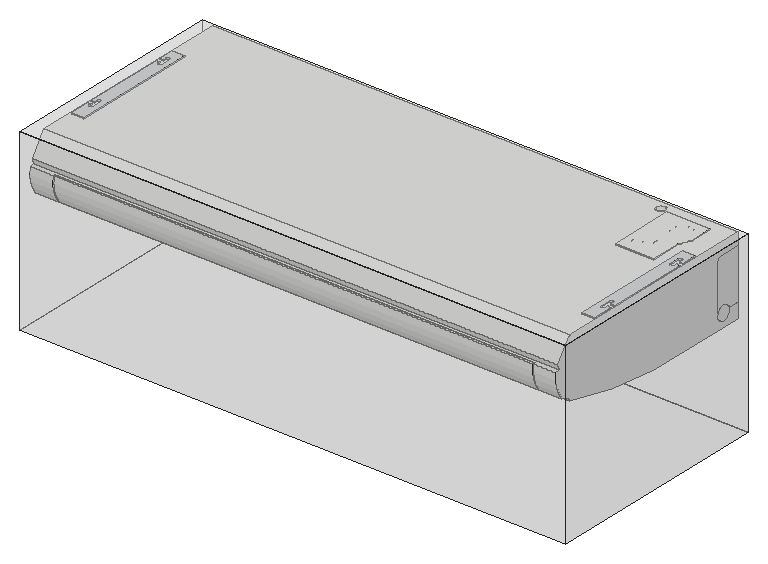
Revit family "outputfile", category 機械設備, Revit 2024
Family settings
  丸型コネクタ寸法 = 半径を使用
  パーツ タイプ = 標準
  OmniClass 番号 = 23.75.10.24.21.27.27
  OmniClass タイトル = Split System Air Conditioning Units
  作業面ベース = いいえ
  常に垂直 = はい
  ロード時にボイドで切り取り = いいえ
  注釈の向きを維持 = いいえ
  共有 = いいえ
  部屋計算ポイント = はい
Parameters (values of type "FXHQ140BVM4")
  Description = ""
  製造元 = "Daikin"
  書き出し IFC クラス(タイプ) = "IfcUnitaryEquipmentType"
  定義済み IFC タイプ(タイプ) = "AIRCONDITIONINGUNIT"
  Cost = 0
  モデル = "FXHQ140BVM4"
  Type Comments = ""
  Keynote = ""
  Type Image = (empty or 0)
  Assembly Code = ""
  r_Liquid Pipe Size = Liquid Pipe Size / 2  # 4.75 mm
  r_Gas Pipe Size = Gas Pipe Size / 2  # 7.95 mm
  r_Drain Pipe Size = Drain Pipe Size / 2  # 10.0 mm
  l_powersupply [instance] = if(Rear Right Connection_powersupply, 29.0 mm, 175.0 mm)  # 29.0 mm
  h_mountinghole = 2.0 mm  # constant formula
  angle_vertical_powersupply [instance] = if(Rear Right Connection_powersupply, 90.00°, 180.00°)  # 90.00°
  angle_vertical_drainpipe [instance] = if(or(Left Connection_drainpipe, Right Connection_drainpipe), 90.00°, if(Top Connection_drainpipe, 180.00°, -90.00°))  # -90.00°
  angle_horizontal_powersupply [instance] = if(Rear Right Connection_powersupply, 180.00°, 0.00°)  # 180.00°
  angle_horizontal_drainpipe [instance] = if(Right Connection_drainpipe, 90.00°, if(Left Connection_drainpipe, -90.00°, 0.00°))  # 0.00°
  Voltage_comment_60Hz = "220-240"
  Voltage_comment_50Hz = "220-240"
  Voltage_60Hz = 220 V
  Voltage_50Hz = 220 V
  URL = ""
  Top Connection_refrigerant [instance] = no
  Top Connection_powersupply [instance] = not(Rear Right Connection_powersupply)  # no
  Sound Power Level_H speed (dB) = 0
  Right Connection_refrigerant [instance] = no
  Rear Right Connection_refrigerant [instance] = yes
  Phase_60Hz = 1
  Phase_50Hz = 1
  Minimum Circuit Amps_60Hz = 1.4 A
  Minimum Circuit Amps_50Hz = 1.4 A
  Maximum Fuse Amps_60Hz = 15.0 A
  Maximum Fuse Amps_50Hz = 15.0 A
  Material_Casing = DAIKIN_White_Casing_indoorunit
  lw_powersupply [instance] = if(Rear Right Connection_powersupply, 220.0 mm, 210.0 mm)  # 220.0 mm
  lw_mountinghole_pitch = 1550.0 mm  # constant formula
  lw_mountinghole = 20.0 mm  # constant formula
  lw_liquidpipe [instance] = if(Right Connection_refrigerant, 156.0 mm, if(Top Connection_refrigerant, 156.0 mm, 136.0 mm))  # 136.0 mm
  lw_gaspipe = 105.0 mm  # constant formula
  lw_drainpipe [instance] = if(Top Connection_drainpipe, 102.0 mm, if(or(Left Connection_drainpipe, Rear Left Connection_drainpipe), 1514.0 mm, 83.0 mm))  # 83.0 mm
  lh_powersupply = 175.0 mm  # constant formula
  lh_liquidpipe [instance] = if(Rear Right Connection_refrigerant, 160.0 mm, 131.0 mm)  # 160.0 mm
  lh_gaspipe [instance] = if(Rear Right Connection_refrigerant, 150.0 mm, 91.0 mm)  # 150.0 mm
  lh_drainpipe = 197.0 mm  # constant formula
  l_antena = 1.0 mm  # constant formula
  ld_powersupply = 30.0 mm  # constant formula
  ld_mountinghole_pitch = 260.0 mm  # constant formula
  ld_mountinghole = 210.0 mm  # constant formula
  ld_liquidpipe [instance] = if(Right Connection_refrigerant, 57.0 mm, if(Top Connection_refrigerant, 189.0 mm, 221.0 mm))  # 221.0 mm
  ld_gaspipe [instance] = if(Right Connection_refrigerant, 57.0 mm, if(Top Connection_refrigerant, 163.0 mm, 214.0 mm))  # 214.0 mm
  ld_drainpipe [instance] = if(or(Left Connection_drainpipe, Right Connection_drainpipe), 57.0 mm, if(Top Connection_drainpipe, 87.0 mm, 268.0 mm))  # 268.0 mm
  l_liquidpipe_length [instance] = if(Right Connection_refrigerant, 156.0 mm, if(Top Connection_refrigerant, 131.0 mm, 220.0 mm))  # 220.0 mm
  l_gaspipe_length [instance] = if(Right Connection_refrigerant, 105.0 mm, if(Top Connection_refrigerant, 91.0 mm, 213.0 mm))  # 213.0 mm
  l_drainpipe_length [instance] = if(Right Connection_drainpipe, 83.0 mm, if(Top Connection_drainpipe, 197.0 mm, if(Left Connection_drainpipe, 76.0 mm, 267.0 mm)))  # 267.0 mm
  h*** = 100.0 mm  # constant formula
  angle_vertical [instance] = if(Right Connection_refrigerant, 90.00°, if(Top Connection_refrigerant, 180.00°, -90.00°))  # -90.00°
  angle_horizontal [instance] = if(Right Connection_refrigerant, 90.00°, 0.00°)  # 0.00°
  Width = 1590.0 mm
  Version = "ver.1.0"
  Unit Type = "Ceiling Suspended Type"
  Unit Mass Weight = 39.00 kg
  Unit Designation [instance] = ""
  Uniclass2015Version = "Products v1.30"
  Uniclass2015Title = "Variable refrigerant flow units"
  Uniclass2015Code = "Pr_70_65_03_94"
  Total Heating Capacity [instance] = 0.000 kW
  Total Cooling Capacity [instance] = 0.000 kW
  Top Connection_drainpipe [instance] = no
  Sound Pressure Level_M speed (dBA) = 0
  Sound Pressure Level_L speed (dBA) = 37
  Sound Pressure Level_H speed (dBA) = 48
  Series = "VRV Fan Coil Unit"
  Sensible Cooling Capacity [instance] = 0.000 kW
  Rear Right Connection_drainpipe [instance] = yes
  Rear Right Connection_powersupply [instance] = yes
  Right Connection_drainpipe [instance] = no
  Refrigerant Type = "R410A"
  Power Input (Heating) = 0.181 kW
  Power Input (Cooling) = 0.181 kW
  Option Accessory 3 [instance] = ""
  Option Accessory 2 [instance] = ""
  Option Accessory 1 [instance] = ""
  Nominal Heating Capacity = 17.000 kW
  Nominal Cooling Capacity = 15.500 kW
  Minimum Airflow = 1200.00 m³/h
  Median Airflow = 0.00 m³/h
  Maximum Airflow = 2160.00 m³/h
  Load Classification = HVAC
  Liquid Pipe Size = 9.5 mm
  Link_Nested Family [instance] = ""
  Rear Left Connection_drainpipe [instance] = no
  Left Connection_drainpipe [instance] = no
  IfcVersion = "0"
  IfcExportType = "AIRCONDITIONINGUNIT"
  IfcExportAs = "IfcUnitaryEquipmentType"
  Height = 235.0 mm
  Heating Entering Wet Bulb Temperature [instance] = 0.00 °C
  Heating Entering Dry Bulb Temperature [instance] = 0.00 °C
  Heating Ambient Wet Bulb Temperature [instance] = 0.00 °C
  Heating Ambient Dry Bulb Temperature [instance] = 0.00 °C
  Heat Exchanger Type = "Cross Fin Coil"
  Gas Pipe Size = 15.9 mm
  Frequency_60Hz = 60 Hz
  Frequency_50Hz = 50 Hz
  Fan Type = "Sirocco Fan"
  Fan Drive = "Direct Drive"
  FCU Tag No. [instance] = ""
  Drain Pipe Size = 20.0 mm
  Design Supply Airflow [instance] = 0.00 m³/h
  Design Outdoor Airflow [instance] = 0.00 m³/h
  Depth = 690.0 mm
  既定の高さ = 0.0 mm
  Cooling Entering Wet Bulb Temperature [instance] = 0.00 °C
  Cooling Entering Dry Bulb Temperature [instance] = 0.00 °C
  Cooling Ambient Wet Bulb Temperature [instance] = 0.00 °C
  Cooling Ambient Dry Bulb Temperature [instance] = 0.00 °C
  Clearance visibility [instance] = yes
  Clearance Top = 5.0 mm
  Clearance Right = 30.0 mm
  Clearance Rear = 0.0 mm
  Clearance Left = 30.0 mm
  Clearance Front = 0.0 mm
  Clearance Bottom = 300.0 mm
Reference planes
  plane 1 "Back": y = 0
  plane 2: z = 0
  plane 3 "Center (Left/Right)": x = 0
  plane 4 "Center (Front/Back)": y = -1
  plane 5 "Front": y = -690
  plane 6 "Left": x = -795
  plane 7 "Right": x = 795
  plane 8 "Top": z = 0
  plane 9 "Bottom": z = -235
  plane 10: y = -690
  plane 11: x = -825
  plane 12: x = 825
  plane 13: z = 5
  plane 14: z = -535
  plane 15: y = 0
  plane 16 "lw_mountinghole": x = -775
  plane 17 "lw_mountinghole2": x = 775
  plane 18 "ld_mountinghole": y = -210
  plane 19 "ld_mountinghole2": y = -470
  plane 20 "lw_gaspipe": x = 690
  plane 21 "ld_gaspipe": y = -214
  plane 22 "lh_gaspipe": z = -150
  plane 23 "lw_liquidpipe": x = 659
  plane 24 "ld_liquidpipe": y = -221
  plane 25 "lh_liquidpipe": z = -160
  plane 26 "ld_drainpipe": y = -268
  plane 27 "lw_drainpipe": x = 712
  plane 28 "lh_drainpipe": z = -197
  plane 29 "lw_powersupply": x = 575
  plane 30 "lh_powersupply": z = -175
  plane 31 "ld_powersupply": y = -30
Forms (mm)
  Extrusion 1, solid, material "DAIKIN_White_Casing_indoorunit" <- "Material_Casing"
    sketch origin (0, 0, 0) x (0, 1, 0) y (0, 0, 1)
      loop
        line (-639.277, 0) -> (-680.876, -61.699) -> (-675.026, -77.772)
        arc (-675.026, -77.772) -> (-681.815, -78.743) -> (-688.601, -79.732) r 2634.132
        arc (-688.601, -79.732) -> (-687.018, -121.096) -> (-669.159, -158.439) r 102.2
        line (-669.159, -158.439) -> (-639.858, -169.325) -> (-635.895, -178.261)
        arc (-635.895, -178.261) -> (-479.121, -215.759) -> (-319.077, -235) r 1400.997
        line (-319.077, -235) -> (-1, -235) -> (-1, 0) -> (-639.277, 0)
    from -795 to 795
  Extrusion 2, solid, material "DAIKIN_White_Casing_indoorunit" <- "Material_Casing"
    sketch origin (0, 0, 0) x (0, 1, 0) y (0, 0, 1)
      loop
        arc (-688.601, -79.732) -> (-687.018, -121.096) -> (-669.159, -158.439) r 102.2
        line (-669.159, -158.439) -> (-665.589, -154.869)
        arc (-665.589, -154.869) -> (-682.432, -118.783) -> (-683.39, -78.971) r 97.2
        arc (-683.39, -78.971) -> (-685.996, -79.351) -> (-688.601, -79.732) r 2634.132
    from -725.5 to 725.5
  Extrusion 3, void
    sketch origin (0, 0, 0) x (0, 1, 0) y (0, 0, 1)
      loop
        line (-301.098, -235) -> (-21.098, -235) -> (-21.098, -230) -> (-301.098, -230) -> (-301.098, -235)
    from -750 to 750
  Extrusion 4, solid, material "DAIKIN_White_Grille_indoorunit"
    sketch origin (0, 0, 0) x (0, 1, 0) y (0, 0, 1)
      loop
        line (-20.098, -230) -> (-301.098, -230) -> (-301.098, -235) -> (-20.098, -235) -> (-20.098, -230)
    from -750 to 750
  Extrusion 5, solid, material "DAIKIN_White_Casing_indoorunit" <- "Material_Casing"
    sketch origin (0, 0, 0) x (1, 0, 0) y (0, 0, 1)
      loop
        line (602, -63) -> (602, -178) -> (673, -220) -> (736, -220) -> (736, -63) -> (602, -63)
    from 0 to 1
  Extrusion 6, solid, material "DAIKIN_White_Casing_indoorunit" <- "Material_Casing"
    sketch origin (0, 0, 0) x (-1, 0, 0) y (0, -1, 0)
      loop
        line (-607, 35) -> (-607, 230) -> (-723, 230) -> (-723, 135) -> (-738, 105) -> (-738, 35) -> (-607, 35)
    from 0 to 1.9
  Extrusion 7, void
    sketch origin (795, 0, 0) x (0, 1, 0) y (0, 0, 1)
      loop
        arc (-79.5, -195) -> (-55.446, -217.446) -> (-34.715, -191.9) r 22.5
        line (-34.715, -191.9) -> (-1, -191.9) -> (-1, -190.1) -> (-35.04, -190.1)
        arc (-35.04, -190.1) -> (-54.942, -172.594) -> (-77.7, -186.182) r 22.5
        line (-77.7, -186.182) -> (-77.7, -43)
        arc (-77.7, -43) -> (-76.528, -40.172) -> (-73.7, -39) r 4
        line (-73.7, -39) -> (-1, -39) -> (-1, -37.2) -> (-73.7, -37.2)
        arc (-73.7, -37.2) -> (-77.801, -38.899) -> (-79.5, -43) r 5.8
        line (-79.5, -43) -> (-79.5, -195)
      loop
        circle (-57, -195) r 20.7
    from 0 to -10
  Extrusion 8, void
    sketch origin (-1444.026, -1, 1200) x (1, 0, 0) y (0, 0, 1)
      loop
        arc (715.026, -1375) -> (704.42, -1379.393) -> (700.026, -1390) r 15
        line (700.026, -1390) -> (700.026, -1400)
        arc (700.026, -1400) -> (704.42, -1410.607) -> (715.026, -1415) r 15
        line (715.026, -1415) -> (745.026, -1415)
        arc (745.026, -1415) -> (755.633, -1410.607) -> (760.026, -1400) r 15
        line (760.026, -1400) -> (760.026, -1390)
        arc (760.026, -1390) -> (755.633, -1379.393) -> (745.026, -1375) r 15
        line (745.026, -1375) -> (715.026, -1375)
    from 0 to 10
  Extrusion 9, void
    sketch origin (-795, 0, 0) x (0, 1, 0) y (0, 0, 1)
      loop
        circle (-57, -197) r 22.5
    from 0 to 10
  Extrusion 10, void
    sketch origin (-1444.026, -1, 1200) x (1, 0, 0) y (0, 0, 1)
      loop
        circle (2136.026, -1375) r 44
    from 0 to 10
  Extrusion 11, void
    sketch origin (0, 0, 0) x (-1, 0, 0) y (0, -1, 0)
      loop
        circle (-693, 87) r 30
    from 0 to -10
  Extrusion 12, void
    sketch origin (0, 0, 0) x (-1, 0, 0) y (0, -1, 0)
      loop
        circle (-690, 163) r 18
    from 0 to -10
  Extrusion 13, void
    sketch origin (0, 0, 0) x (-1, 0, 0) y (0, -1, 0)
      loop
        circle (-639, 189) r 13
    from 0 to -10
  Extrusion 14, void
    sketch origin (-1444.026, -1, 1200) x (1, 0, 0) y (0, 0, 1)
      loop
        circle (2019.026, -1375) r 14.5
    from 0 to 10
  Extrusion 15, void
    sketch origin (0, 0, 0) x (-1, 0, 0) y (0, -1, 0)
      loop
        circle (-585, 30) r 14.5
    from 0 to -10
  Extrusion 16, void
    sketch origin (795, 0, 0) x (0, 1, 0) y (0, 0, 1)
      loop
        arc (-665.589, -154.869) -> (-682.432, -118.783) -> (-683.39, -78.971) r 97.2
        arc (-683.39, -78.971) -> (-685.996, -79.351) -> (-688.601, -79.732) r 2634.132
        arc (-688.601, -79.732) -> (-687.018, -121.096) -> (-669.159, -158.439) r 102.2
        line (-669.159, -158.439) -> (-665.589, -154.869)
    from -69.5 to -1520.5
  Extrusion 17, solid, material "DAIKIN_White_Casing_indoorunit" <- "Material_Casing"
    sketch origin (-795, 0, 0) x (0, 1, 0) y (0, 0, 1)
      loop
        circle (-57, -197) r 22.5
    from 0 to 10
  Extrusion 18, solid
    sketch origin (0, 0, 0) x (-1, 0, 0) y (0, -1, 0)
      loop
        line (781, 223.998) -> (781, 215.998) -> (791.2, 215.998) -> (791.2, 463.998) -> (781, 463.998) -> (781, 455.998)
        arc (781, 455.998) -> (775, 449.998) -> (769, 455.998) r 6
        line (769, 455.998) -> (769, 483.998)
        arc (769, 483.998) -> (775, 489.998) -> (781, 483.998) r 6
        line (781, 483.998) -> (781, 475.998) -> (791.2, 475.998) -> (791.2, 538.998) -> (752.798, 538.998) -> (752.798, 158.998) -> (791.2, 158.998) -> (791.2, 203.998) -> (781, 203.998) -> (781, 195.998)
        arc (781, 195.998) -> (775, 189.998) -> (769, 195.998) r 6
        line (769, 195.998) -> (769, 223.998)
        arc (769, 223.998) -> (775, 229.998) -> (781, 223.998) r 6
      loop
        line (-769, 223.998) -> (-769, 195.998)
        arc (-769, 195.998) -> (-775, 189.998) -> (-781, 195.998) r 6
        line (-781, 195.998) -> (-781, 203.998) -> (-791.2, 203.998) -> (-791.2, 158.998) -> (-752.798, 158.998) -> (-752.798, 538.998) -> (-791.2, 538.998) -> (-791.2, 475.998) -> (-781, 475.998) -> (-781, 483.998)
        arc (-781, 483.998) -> (-775, 489.998) -> (-769, 483.998) r 6
        line (-769, 483.998) -> (-769, 455.998)
        arc (-769, 455.998) -> (-775, 449.998) -> (-781, 455.998) r 6
        line (-781, 455.998) -> (-781, 463.998) -> (-791.2, 463.998) -> (-791.2, 215.998) -> (-781, 215.998) -> (-781, 223.998)
        arc (-781, 223.998) -> (-775, 229.998) -> (-769, 223.998) r 6
    from 0 to 2
Cuts and joins
  Extrusion 3, Extrusion 7, Extrusion 8, Extrusion 9, Extrusion 10, Extrusion 11, Extrusion 12, Extrusion 13, Extrusion 14, Extrusion 15, Extrusion 16 cuts Extrusion 1
Lines and regions (mm)
  reference lines
    curve 1: line (795, -580.282, -192.75) -> (795, -551.225, -200.21)
Dimensions and locks
  equal spacing: plane 6 "Left", plane 3 "Center (Left/Right)", plane 7 "Right"
  "Width": plane 6 "Left" to plane 7 "Right"
  "Depth": plane 5 "Front" to plane 1 "Back"
  "Height": plane 8 "Top" to plane 9 "Bottom"
  "Clearance Front": plane 10 to plane 5 "Front"
  "Clearance Left": plane 11 to plane 6 "Left"
  "Clearance Right": plane 7 "Right" to plane 12
  "Clearance Top": plane 13 to plane 8 "Top"
  "Clearance Bottom": plane 9 "Bottom" to plane 14
  "Clearance Rear": plane 1 "Back" to plane 15
  locked: plane 4 "Center (Front/Back)" to plane 1 "Back" at 1
  locked: Extrusion 1 sketch curve to Extrusion 1 sketch curve at 235
  locked: Extrusion 1 sketch curve to Extrusion 1 sketch curve at 318.077
  locked: Extrusion 1 sketch curve to Extrusion 1 sketch curve at 1163.297
  locked: Extrusion 1 sketch curve to Extrusion 1 sketch curve at 231.144
  Extrusion 3 sketch curve to Extrusion 3 sketch curve to plane 1 "Back" = 280.0 mm locked, 21.098 mm locked
  "ld_mountinghole": plane 18 "ld_mountinghole" to plane 1 "Back"
  "ld_mountinghole_pitch": plane 18 "ld_mountinghole" to plane 19 "ld_mountinghole2"
  "lw_mountinghole_pitch": plane 16 "lw_mountinghole" to plane 17 "lw_mountinghole2"
  "lw_mountinghole": plane 6 "Left" to plane 16 "lw_mountinghole"
  "lw_gaspipe": plane 20 "lw_gaspipe" to plane 7 "Right"
  "ld_gaspipe": plane 1 "Back" to plane 21 "ld_gaspipe"
  "lw_liquidpipe": plane 23 "lw_liquidpipe" to plane 7 "Right"
  "ld_liquidpipe": plane 1 "Back" to plane 24 "ld_liquidpipe"
  "lw_drainpipe": plane 27 "lw_drainpipe" to plane 7 "Right"
  "ld_drainpipe": plane 26 "ld_drainpipe" to plane 1 "Back"
  plane 8 "Top" to Extrusion 5 sketch curve to Extrusion 5 sketch curve = 63.0 mm locked, 157.0 mm locked
  plane 7 "Right" to Extrusion 5 sketch curve to Extrusion 5 sketch curve = 59.0 mm locked, 134.0 mm locked
  locked: Extrusion 5 sketch curve to Extrusion 5 sketch curve at 115
  locked: Extrusion 5 sketch curve to Extrusion 5 sketch curve at 63
  locked: Extrusion 6 sketch curve to Extrusion 6 sketch curve at 195
  locked: Extrusion 6 sketch curve to Extrusion 6 sketch curve at 116
  locked: Extrusion 6 sketch curve to Extrusion 6 sketch curve at 131
  locked: Extrusion 6 sketch curve to Extrusion 6 sketch curve at 100
  locked: Extrusion 6 sketch curve to plane 1 "Back" at 35
  locked: Extrusion 6 sketch curve to plane 7 "Right" at 57
  locked: Extrusion 8 sketch curve to Extrusion 8 sketch curve at 40
  locked: Extrusion 8 sketch curve to Extrusion 8 sketch curve at 60
  locked: plane 8 "Top" to Extrusion 8 sketch curve at 175
  locked: Extrusion 8 sketch curve to plane 6 "Left" at 51
  locked: plane 7 "Right" to Extrusion 10 sketch curve at 103
  locked: plane 8 "Top" to Extrusion 10 sketch curve at 175
  locked: Extrusion 11 sketch curve to plane 1 "Back" at 87
  locked: Extrusion 11 sketch curve to plane 7 "Right" at 102
  locked: Extrusion 12 sketch curve to plane 1 "Back" at 163
  locked: Extrusion 12 sketch curve to plane 7 "Right" at 105
  locked: Extrusion 13 sketch curve to plane 1 "Back" at 189
  locked: Extrusion 13 sketch curve to plane 7 "Right" at 156
  "lw_powersupply": plane 29 "lw_powersupply" to plane 7 "Right"
  "lh_gaspipe": plane 8 "Top" to plane 22 "lh_gaspipe"
  "lh_liquidpipe": plane 8 "Top" to plane 25 "lh_liquidpipe"
  "lh_powersupply": plane 8 "Top" to plane 30 "lh_powersupply"
  "lh_drainpipe": plane 8 "Top" to plane 28 "lh_drainpipe"
  "ld_powersupply": plane 1 "Back" to plane 31 "ld_powersupply"
  locked: plane 8 "Top" to Extrusion 7 sketch curve at 195
  locked: Extrusion 7 sketch curve to plane 1 "Back" at 57
  locked: plane 9 "Bottom" to Extrusion 7 sketch curve at 43.1
  locked: Extrusion 7 sketch curve to plane 8 "Top" at 39
  locked: Extrusion 7 sketch curve to plane 1 "Back" at 79.5
  locked: Extrusion 9 sketch curve to plane 1 "Back" at 57
  locked: plane 8 "Top" to Extrusion 9 sketch curve at 197
  locked: Extrusion 17 sketch curve to plane 1 "Back" at 57
  locked: plane 8 "Top" to Extrusion 17 sketch curve at 197
  locked: plane 7 "Right" to Extrusion 14 sketch curve at 220
  locked: plane 8 "Top" to Extrusion 14 sketch curve at 175
  locked: Extrusion 15 sketch curve to plane 7 "Right" at 210
  locked: Extrusion 15 sketch curve to plane 1 "Back" at 30
  locked: curve 1 to plane 9 "Bottom" at 34.79
  locked: curve 1 to plane 9 "Bottom" at 42.25
  locked: curve 1 to plane 9 "Bottom" (angle 14.40°)
  aligned and locked: level to plane 2
  aligned and locked: nested 1 to plane 11
  aligned and locked: nested 1 to plane 12
  aligned and locked: nested 1 to plane 10
  aligned and locked: plane 13 to nested 1
  aligned and locked: plane 14 to nested 1
  aligned and locked: plane 15 to nested 1
  aligned and locked: Extrusion 1 sketch curve to plane 8 "Top"
  aligned and locked: Extrusion 2 sketch curve to Extrusion 1  (x2)
  aligned and locked: plane 7 "Right" to Extrusion 1
  aligned and locked: Extrusion 1 to plane 6 "Left"
  aligned and locked: cut or joined group 1 (Extrusion 1, Extrusion 3, Extrusion 7, Extrusion 8, Extrusion 9, Extrusion 10, Extrusion 11, Extrusion 12, Extrusion 13, Extrusion 14, Extrusion 15, Extrusion 16) to Extrusion 3 sketch curve
  aligned and locked: cut or joined group 1 to Extrusion 4 sketch curve
  aligned and locked: Extrusion 5 to plane 4 "Center (Front/Back)"
  aligned and locked: Extrusion 7 sketch curve to plane 4 "Center (Front/Back)"
  aligned and locked: Extrusion 16 sketch curve to Extrusion 2  (x4)
  aligned and locked: Extrusion 16 to Extrusion 2  (x2)
  aligned and locked: nested 2 to plane 26 "ld_drainpipe"
  aligned and locked: plane 27 "lw_drainpipe" to nested 2
  aligned and locked: plane 20 "lw_gaspipe" to nested 3
  aligned and locked: nested 3 to plane 21 "ld_gaspipe"
  aligned and locked: plane 23 "lw_liquidpipe" to nested 4
  aligned and locked: nested 4 to plane 24 "ld_liquidpipe"
  aligned and locked: plane 25 "lh_liquidpipe" to nested 4
  aligned and locked: Extrusion 4 sketch curve to cut or joined group 1
  aligned and locked: nested 5 to plane 31 "ld_powersupply"
  aligned and locked: plane 29 "lw_powersupply" to nested 5
  aligned and locked: nested 7 to plane 18 "ld_mountinghole"
  aligned and locked: plane 16 "lw_mountinghole" to nested 7
  aligned and locked: nested 6 to plane 19 "ld_mountinghole2"
  aligned and locked: plane 16 "lw_mountinghole" to nested 6
  aligned and locked: nested 9 to plane 18 "ld_mountinghole"
  aligned and locked: plane 17 "lw_mountinghole2" to nested 9
  aligned and locked: plane 17 "lw_mountinghole2" to nested 8
  aligned and locked: nested 8 to plane 19 "ld_mountinghole2"
  aligned and locked: nested 10 to curve 1
  aligned and locked: level to plane 8 "Top"
Automatic sketch dimensions
  Extrusion 1 sketch curve to plane 5 "Front" = 9.124 mm
  Extrusion 1 sketch curve to plane 8 "Top" = 61.699 mm
  Extrusion 1 sketch curve to plane 5 "Front" = 14.974 mm
  Extrusion 1 sketch curve to plane 5 "Front" = 50.723 mm
  Extrusion 1 sketch curve to Extrusion 1 sketch curve = 16.072 mm
  Extrusion 1 sketch curve to plane 5 "Front" = 54.105 mm
  Extrusion 1 sketch curve to Extrusion 1 sketch curve = 87.226 mm
  Extrusion 1 sketch curve to plane 4 "Center (Front/Back)" = 304.278 mm
  Extrusion 1 sketch curve to Extrusion 1 sketch curve = 18.815 mm
  Extrusion 1 sketch curve to plane 5 "Front" = 1.399 mm
  Extrusion 1 sketch curve to plane 5 "Front" = 20.841 mm
  Extrusion 1 sketch curve to Extrusion 1 sketch curve = 3.963 mm
  Extrusion 1 sketch curve to Extrusion 1 sketch curve = 1.961 mm
  Extrusion 1 sketch curve to Extrusion 1 sketch curve = 8.936 mm
  Extrusion 1 sketch curve to plane 4 "Center (Front/Back)" = 0.0 mm
  Extrusion 2 sketch curve to Extrusion 2 sketch curve = 0.0 mm  (x2)
  Extrusion 2 sketch curve to Extrusion 2 sketch curve = 5.21 mm
  Extrusion 2 sketch curve to Extrusion 2 sketch curve = 3.57 mm  (x2)
  plane 9 "Bottom" to Extrusion 3 sketch curve = 5.0 mm
  Extrusion 6 sketch curve to Extrusion 6 sketch curve = 30.0 mm
  Extrusion 8 sketch curve to plane 28 "lh_drainpipe" = 3.0 mm  (x2)
  Extrusion 7 sketch curve to Extrusion 7 sketch curve = 0.0 mm  (x6)
  Extrusion 7 sketch curve to plane 4 "Center (Front/Back)" = 0.0 mm  (x2)
  Extrusion 7 sketch curve to Extrusion 7 sketch curve = 1.8 mm  (x2)
  Extrusion 7 sketch curve to Extrusion 7 sketch curve = 0.325 mm
  Extrusion 7 sketch curve to Extrusion 7 sketch curve = 4.0 mm
  plane 9 "Bottom" to Extrusion 4 sketch curve = 5.0 mm
  plane 31 "ld_powersupply" to Extrusion 4 sketch curve = 9.902 mm
  Extrusion 18 sketch curve to plane 17 "lw_mountinghole2" = 0.0 mm  (x4)
  Extrusion 18 sketch curve to plane 16 "lw_mountinghole" = 0.0 mm  (x4)
  plane 17 "lw_mountinghole2" to Extrusion 18 sketch curve = 6.0 mm  (x2)
  Extrusion 18 sketch curve to plane 7 "Right" = 3.8 mm  (x3)
  plane 16 "lw_mountinghole" to Extrusion 18 sketch curve = 22.202 mm
  plane 16 "lw_mountinghole" to Extrusion 18 sketch curve = 6.0 mm
  Extrusion 18 sketch curve to Extrusion 18 sketch curve = 6.0 mm
  plane 6 "Left" to Extrusion 18 sketch curve = 3.8 mm  (x3)
  plane 18 "ld_mountinghole" to Extrusion 18 sketch curve = 51.002 mm  (x2)
  plane 18 "ld_mountinghole" to Extrusion 18 sketch curve = 14.002 mm  (x2)
  plane 18 "ld_mountinghole" to Extrusion 18 sketch curve = 6.002 mm  (x2)
  Extrusion 18 sketch curve to plane 18 "ld_mountinghole" = 5.998 mm  (x2)
  Extrusion 18 sketch curve to Extrusion 18 sketch curve = 8.0 mm  (x3)
  plane 19 "ld_mountinghole2" to Extrusion 18 sketch curve = 14.002 mm  (x2)
  plane 19 "ld_mountinghole2" to Extrusion 18 sketch curve = 6.002 mm  (x2)
  Extrusion 18 sketch curve to plane 19 "ld_mountinghole2" = 5.998 mm  (x2)
  Extrusion 18 sketch curve to plane 19 "ld_mountinghole2" = 13.998 mm
  Extrusion 18 sketch curve to Extrusion 18 sketch curve = 55.0 mm  (x2)
  Extrusion 18 sketch curve to plane 17 "lw_mountinghole2" = 22.202 mm
  curve 1 to plane 5 "Front" = 109.718 mm
  Extrusion 8 sketch curve to Extrusion 8 sketch curve = 15.0 mm  (x2)
  radius of Extrusion 10 sketch curve = 44.0 mm
  radius of Extrusion 11 sketch curve = 30.0 mm
  radius of Extrusion 12 sketch curve = 18.0 mm
  radius of Extrusion 13 sketch curve = 13.0 mm
  radius of Extrusion 15 sketch curve = 14.5 mm
  radius of Extrusion 14 sketch curve = 14.5 mm
  radius of Extrusion 7 sketch curve = 20.7 mm
  radius of Extrusion 9 sketch curve = 22.5 mm
  radius of Extrusion 17 sketch curve = 22.5 mm
Nested families
  nested 1: "daikin_clearancespace" at (0, -345, -264.881), visible <- "Clearance visibility", show <- "Clearance visibility", Link_Nested Family <- "Link_Nested Family", type "daikin_clearancespace"
    with width 1650.0 mm, show yes, height 540.0 mm, depth 690.0 mm, Link_Nested Family ""
  nested 2: "daikin_connector_rotate3" at (712, -268, -197), radius <- "r_Drain Pipe Size", angle_vertical <- "angle_vertical_drainpipe", angle_horizontal <- "angle_horizontal_drainpipe", length <- "l_drainpipe_length", type "daikin_connector_rotate3"
    with show no, radius 10.0 mm, length 267.0 mm, angle_vertical -90.00°, angle_horizontal 0.00°
  nested 3: "daikin_connector_rotate3" at (690, -214, -150), radius <- "r_Gas Pipe Size", angle_vertical <- "angle_vertical", angle_horizontal <- "angle_horizontal", length <- "l_gaspipe_length", type "daikin_connector_rotate3"
    with show no, radius 7.95 mm, length 213.0 mm, angle_vertical -90.00°, angle_horizontal 0.00°
  nested 4: "daikin_connector_rotate3" at (659, -221, -160), radius <- "r_Liquid Pipe Size", angle_vertical <- "angle_vertical", angle_horizontal <- "angle_horizontal", length <- "l_liquidpipe_length", type "daikin_connector_rotate3"
    with show no, radius 4.75 mm, length 220.0 mm, angle_vertical -90.00°, angle_horizontal 0.00°
  nested 5: "daikin_connector_rotate3" at (575, -30, -175), length <- "l_powersupply", angle_vertical <- "angle_vertical_powersupply", angle_horizontal <- "angle_horizontal_powersupply", type "daikin_connector_rotate3"
    with show no, radius 10.0 mm, length 29.0 mm, angle_vertical 90.00°, angle_horizontal 180.00°
  nested 6: "daikin_mountinghole" at (-775, -470, 0), l_antenna <- "l_antena", Link_Nested Family <- "Link_Nested Family", h_mountinghole <- "h_mountinghole", type "daikin_mountinghole"
    with show yes, l_antenna 1.0 mm, h_mountinghole 2.0 mm, Link_Nested Family ""
  nested 7: "daikin_mountinghole" at (-775, -210, 0), l_antenna <- "l_antena", Link_Nested Family <- "Link_Nested Family", h_mountinghole <- "h_mountinghole", type "daikin_mountinghole"
    with show yes, l_antenna 1.0 mm, h_mountinghole 2.0 mm, Link_Nested Family ""
  nested 8: "daikin_mountinghole" at (775, -470, 0), l_antenna <- "l_antena", Link_Nested Family <- "Link_Nested Family", h_mountinghole <- "h_mountinghole", type "daikin_mountinghole"
    with show yes, l_antenna 1.0 mm, h_mountinghole 2.0 mm, Link_Nested Family ""
  nested 9: "daikin_mountinghole" at (775, -210, 0), Link_Nested Family <- "Link_Nested Family", l_antenna <- "l_antena", h_mountinghole <- "h_mountinghole", type "daikin_mountinghole"
    with show yes, l_antenna 1.0 mm, h_mountinghole 2.0 mm, Link_Nested Family ""
  nested 10: "daikin_logo_plane_w40" at (647.963, -559.801, -198.008) x (1, 0, 0) z (0, -0.2487, -0.9686), type "daikin_logo_plane_w40"
    with show_logo yes
Connectors
  piping at (712, -1, -197), diameter 20, driven by "r_Drain Pipe Size"
    settings: on nested 2, index 1, connector inside diameter 609.6 mm, connector length 0.0 mm, flow factor 0, pipe flow 0.00 m³/h, pressure drop 0.0 Pa, fitting loss kfactor 0, connector angle 0.00°, fixture units 0, engagement length 0.0 mm, angle of deflection 0.00°, flow configuration 1, flow direction 2, fitting loss method 4, system type 16, joint type 0, gender type 0, connector reference index -1, connector utility 0, adjustable connector no, is connector primary yes, connector description "Condensate Drain Piping"
  piping at (690, -1, -150), diameter 15.9, driven by "r_Gas Pipe Size"
    settings: on nested 3, index 3, connector inside diameter 609.6 mm, connector length 0.0 mm, flow factor 0, pipe flow 0.00 m³/h, pressure drop 0.0 Pa, fitting loss kfactor 0, connector angle 0.00°, fixture units 0, engagement length 0.0 mm, angle of deflection 0.00°, flow configuration 1, flow direction 2, fitting loss method 0, system type 29, joint type 0, gender type 0, connector reference index -1, connector utility 0, adjustable connector no, is connector primary no, connector description "Refrigerant Gas Piping"
  piping at (659, -1, -160), diameter 9.5, driven by "r_Liquid Pipe Size"
    settings: on nested 4, index 4, connector inside diameter 609.6 mm, connector length 0.0 mm, flow factor 0, pipe flow 0.00 m³/h, pressure drop 0.0 Pa, fitting loss kfactor 0, connector angle 0.00°, fixture units 0, engagement length 0.0 mm, angle of deflection 0.00°, flow configuration 1, flow direction 1, fitting loss method 0, system type 29, joint type 0, gender type 0, connector reference index -1, connector utility 0, adjustable connector no, is connector primary no, connector description "Refrigerant Liquid Piping"
  electrical at (575, -1, -175), driven by "Load Classification"
    settings: on nested 5, index 6, voltage 0 V, apparent load 0 VA, apparent load phase1 0 VA, apparent load phase2 0 VA, apparent load phase3 0 VA, power factor 1, load classification "HVAC", number of poles 1, system type 30, power factor state 1, is connector primary yes, connector utility no, sub classification motor no, connector description "Power Supply"
Definition of nested family "daikin_clearancespace"
  Parameters (values of type "daikin_clearancespace")
    width [instance] = 1823.963 mm
    show [instance] = yes
    material = none
    height [instance] = 1359.762 mm
    depth [instance] = 880.0 mm
    Default Elevation = 0.0 mm
    Link_Nested Family [instance] = ""
  Reference planes
    plane 1 "Center (Front/Back)": y = 0
    plane 2 "Center (Elevation)": z = -0.119
    plane 3 "Center (Left/Right)": x = 0
    plane 4: y = 440
    plane 5: y = -440
    plane 6 "Right": x = 911.982
    plane 7 "Left": x = -911.982
    plane 8 "Top": z = 679.762
    plane 9 "Bottom": z = -680
  Forms (mm)
    Extrusion 1, solid, material <- "material", visible <- "show"
      sketch origin (0, 0, 0) x (1, 0, 0) y (0, 1, 0)
        loop
          line (-911.982, 440) -> (-911.982, -440) -> (911.982, -440) -> (911.982, 440) -> (-911.982, 440)
      from -680 to 679.762
  Lines and regions (mm)
    symbolic lines, visible <- "show"
      curve 1: line (911.982, 440, 0) -> (-911.982, 440, 0)
      curve 2: line (-911.982, 440, 0) -> (-911.982, -440, 0)
      curve 3: line (-911.982, -440, 0) -> (911.982, -440, 0)
      curve 4: line (911.982, -440, 0) -> (911.982, 440, 0)
      curve 5: line (911.982, 0, 679.762) -> (-911.982, 0, 679.762)
      curve 6: line (911.982, 0, -680) -> (911.982, 0, 679.762)
      curve 7: line (-911.982, 0, -680) -> (911.982, 0, -680)
      curve 8: line (-911.982, 0, 679.762) -> (-911.982, 0, -680)
      curve 9: line (0, 440, 679.762) -> (0, -440, 679.762)
      curve 10: line (0, -440, 679.762) -> (0, -440, -680)
      curve 11: line (0, 440, -680) -> (0, 440, 679.762)
      curve 12: line (0, -440, -680) -> (0, 440, -680)
  Dimensions and locks
    "width": plane 7 "Left" to plane 6 "Right"
    "depth": plane 4 to plane 5
    "height": plane 8 "Top" to plane 9 "Bottom"
    equal spacing: plane 7 "Left", plane 3 "Center (Left/Right)", plane 6 "Right"
    equal spacing: plane 4, plane 1 "Center (Front/Back)", plane 5
    equal spacing: plane 8 "Top", plane 2 "Center (Elevation)", plane 9 "Bottom"
    aligned and locked: level to plane 2 "Center (Elevation)"
    aligned and locked: Extrusion 1 sketch curve to plane 4
    aligned and locked: plane 7 "Left" to Extrusion 1 sketch curve
    aligned and locked: Extrusion 1 sketch curve to plane 5
    aligned and locked: Extrusion 1 sketch curve to plane 6 "Right"
    aligned and locked: plane 8 "Top" to Extrusion 1
    aligned and locked: curve 1 to Extrusion 1
    aligned and locked: curve 2 to Extrusion 1
    aligned and locked: curve 3 to Extrusion 1
    aligned and locked: curve 4 to Extrusion 1
    aligned and locked: curve 5 to Extrusion 1
    aligned and locked: curve 6 to Extrusion 1
    aligned and locked: curve 7 to Extrusion 1
    aligned and locked: curve 8 to Extrusion 1
    aligned and locked: curve 9 to Extrusion 1
    aligned and locked: curve 10 to Extrusion 1
    aligned and locked: curve 11 to Extrusion 1
    aligned and locked: curve 12 to Extrusion 1
    aligned and locked: Extrusion 1 to plane 9 "Bottom"
Definition of nested family "daikin_logo_plane_w40"
  Parameters (values of type "daikin_logo_plane_w40")
    width = 40.0 mm
    show_logo [instance] = yes
    material = none
    height = 0.0 mm
    depth = 0.0 mm
    Default Elevation = 1219.2 mm
  Reference planes
    plane 1 "Center (Front/Back)": y = 0
    plane 2: z = 0
    plane 3 "Center (Left/Right)": x = 0
    plane 4: z = 2
    plane 5 "left": x = -19
    plane 6: x = 19
  Forms (mm)
    Extrusion 1, solid, visible <- "show_logo"
      sketch origin (-19, 0, 0) x (1, 0, 0) y (0, 1, 0)
        loop
          line (8.902, -1.878) -> (7.789, -6.332) -> (11.13, -6.332)
          arc (11.13, -6.332) -> (12.454, -6.064) -> (13.472, -5.176) r 2.642
          arc (13.472, -5.176) -> (13.92, -4.02) -> (13.767, -2.79) r 2.537
          arc (13.767, -2.79) -> (13.452, -2.342) -> (12.982, -2.06) r 1.321
          arc (12.982, -2.06) -> (12.063, -1.902) -> (11.13, -1.878) r 6.479
          line (11.13, -1.878) -> (8.902, -1.878)
        loop
          line (10.016, -5.441) -> (10.907, -5.441)
          arc (10.907, -5.441) -> (11.591, -4.983) -> (11.988, -4.261) r 1.742
          spline (11.988, -4.261) -> (12.01, -4.155) -> (12.027, -4.03) -> (12.037, -3.893) -> (12.037, -3.747) -> (12.026, -3.598) -> (12.002, -3.451) -> (11.962, -3.31) -> (11.905, -3.181) -> (11.829, -3.069) -> (11.731, -2.978) -> (11.61, -2.913) -> (11.464, -2.88)
          line (11.464, -2.88) -> (10.573, -2.88) -> (10.016, -5.441)
        loop
          line (13.58, -6.332) -> (14.805, -6.332) -> (15.223, -5.553) -> (16.977, -5.553) -> (17.144, -6.332) -> (19.149, -6.332) -> (18.258, -1.878) -> (16.03, -1.878) -> (13.58, -6.332)
        loop
          line (16.476, -3.214) -> (15.76, -4.551) -> (16.762, -4.551) -> (16.476, -3.214)
        loop
          line (19.705, -6.332) -> (21.599, -6.332) -> (22.712, -1.878) -> (20.819, -1.878) -> (19.705, -6.332)
        loop
          line (22.712, -6.332) -> (24.606, -6.332) -> (24.908, -5.122) -> (25.831, -6.332) -> (28.17, -6.332) -> (26.388, -3.994) -> (28.949, -1.878) -> (26.945, -1.878) -> (25.401, -3.153) -> (25.719, -1.878) -> (23.826, -1.878) -> (22.712, -6.332)
        loop
          line (29.84, -1.878) -> (28.615, -6.332) -> (30.62, -6.332) -> (31.734, -1.878) -> (29.84, -1.878)
        loop
          line (31.734, -6.332) -> (33.07, -6.332) -> (33.7, -3.814) -> (34.518, -6.332) -> (36.745, -6.332) -> (37.859, -1.878) -> (36.523, -1.878) -> (35.845, -4.589) -> (34.963, -1.878) -> (32.847, -1.878) -> (31.734, -6.332)
      from 0 to 2
    Extrusion 2, solid, visible <- "show_logo"
      sketch origin (-19, 0, 0) x (1, 0, 0) y (0, 1, 0)
        loop
          line (8.7, 0) -> (4.235, 0) -> (0, -3.879) -> (0, -8) -> (8.7, 0)
      from 0 to 2
    Extrusion 3, solid, visible <- "show_logo"
      sketch origin (-19, 0, 0) x (1, 0, 0) y (0, 1, 0)
        loop
          line (0, 0) -> (0, -3.879) -> (4.235, 0) -> (0, 0)
      from 0 to 2
  Dimensions and locks
    plane 4 to plane 2 = 2.0 mm
    equal spacing: plane 5 "left", plane 3 "Center (Left/Right)", plane 6
    locked: plane 5 "left" to plane 6 at 38
    aligned and locked: level to plane 2
    aligned and locked: Extrusion 3 to plane 1 "Center (Front/Back)"  (x2)
    aligned and locked: Extrusion 2 to plane 1 "Center (Front/Back)"  (x2)
    aligned and locked: plane 4 to Extrusion 1
    aligned and locked: plane 4 to Extrusion 3
    aligned and locked: plane 4 to Extrusion 2
    aligned and locked: Extrusion 3 to plane 5 "left"
    aligned and locked: Extrusion 2 to plane 5 "left"
  Automatic sketch dimensions
    Extrusion 1 sketch curve to Extrusion 1 sketch curve = 0.901 mm
    Extrusion 1 sketch curve to Extrusion 1 sketch curve = 1.559 mm
    Extrusion 1 sketch curve to Extrusion 1 sketch curve = 1.327 mm
    Extrusion 1 sketch curve to Extrusion 1 sketch curve = 2.145 mm
    Extrusion 1 sketch curve to Extrusion 1 sketch curve = 1.448 mm
    Extrusion 1 sketch curve to Extrusion 1 sketch curve = 2.116 mm
    Extrusion 1 sketch curve to Extrusion 1 sketch curve = 1.114 mm  (x4)
    Extrusion 1 sketch curve to Extrusion 1 sketch curve = 1.336 mm  (x2)
    plane 1 "Center (Front/Back)" to Extrusion 1 sketch curve = 1.878 mm  (x5)
    Extrusion 1 sketch curve to Extrusion 1 sketch curve = 1.893 mm  (x5)
    Extrusion 1 sketch curve to Extrusion 1 sketch curve = 0.891 mm  (x4)
    Extrusion 1 sketch curve to Extrusion 1 sketch curve = 2.005 mm  (x3)
    Extrusion 1 sketch curve to Extrusion 1 sketch curve = 0.445 mm  (x2)
    plane 1 "Center (Front/Back)" to Extrusion 1 sketch curve = 3.994 mm
    Extrusion 1 sketch curve to Extrusion 1 sketch curve = 0.557 mm  (x2)
    Extrusion 1 sketch curve to Extrusion 1 sketch curve = 2.339 mm  (x2)
    Extrusion 1 sketch curve to Extrusion 1 sketch curve = 1.225 mm  (x3)
    plane 1 "Center (Front/Back)" to Extrusion 1 sketch curve = 3.153 mm
    Extrusion 1 sketch curve to Extrusion 1 sketch curve = 0.987 mm
    plane 1 "Center (Front/Back)" to Extrusion 1 sketch curve = 5.122 mm
    Extrusion 1 sketch curve to Extrusion 1 sketch curve = 0.922 mm
    plane 1 "Center (Front/Back)" to Extrusion 1 sketch curve = 6.332 mm
    Extrusion 1 sketch curve to Extrusion 1 sketch curve = 2.562 mm
    plane 1 "Center (Front/Back)" to Extrusion 1 sketch curve = 5.553 mm
    Extrusion 1 sketch curve to Extrusion 1 sketch curve = 0.167 mm
    Extrusion 1 sketch curve to Extrusion 1 sketch curve = 0.215 mm
    plane 1 "Center (Front/Back)" to Extrusion 1 sketch curve = 3.214 mm
    Extrusion 1 sketch curve to Extrusion 1 sketch curve = 0.286 mm
    plane 1 "Center (Front/Back)" to Extrusion 1 sketch curve = 4.551 mm
    Extrusion 1 sketch curve to Extrusion 1 sketch curve = 1.002 mm
    Extrusion 1 sketch curve to Extrusion 1 sketch curve = 0.537 mm
    Extrusion 1 sketch curve to Extrusion 1 sketch curve = 0.418 mm
    Extrusion 1 sketch curve to Extrusion 1 sketch curve = 1.028 mm
    plane 1 "Center (Front/Back)" to Extrusion 1 sketch curve = 4.261 mm
    Extrusion 1 sketch curve to Extrusion 1 sketch curve = 0.563 mm
    plane 1 "Center (Front/Back)" to Extrusion 1 sketch curve = 2.88 mm
    Extrusion 1 sketch curve to Extrusion 1 sketch curve = 1.088 mm
    Extrusion 1 sketch curve to Extrusion 1 sketch curve = 2.152 mm
    Extrusion 1 sketch curve to Extrusion 1 sketch curve = 0.586 mm
    Extrusion 1 sketch curve to Extrusion 1 sketch curve = 0.118 mm
    Extrusion 1 sketch curve to Extrusion 1 sketch curve = 0.298 mm
    Extrusion 1 sketch curve to Extrusion 1 sketch curve = 0.334 mm
    Extrusion 1 sketch curve to Extrusion 1 sketch curve = 0.223 mm
    Extrusion 1 sketch curve to Extrusion 1 sketch curve = 0.266 mm
    Extrusion 1 sketch curve to Extrusion 1 sketch curve = 1.671 mm
    Extrusion 1 sketch curve to Extrusion 1 sketch curve = 2.227 mm
    Extrusion 1 sketch curve to Extrusion 1 sketch curve = 0.0 mm  (x7)
    Extrusion 1 sketch curve to Extrusion 1 sketch curve = 3.453 mm
    Extrusion 1 sketch curve to Extrusion 1 sketch curve = 2.017 mm
    Extrusion 1 sketch curve to Extrusion 1 sketch curve = 0.78 mm  (x2)
    Extrusion 1 sketch curve to Extrusion 1 sketch curve = 1.743 mm
    Extrusion 1 sketch curve to Extrusion 1 sketch curve = 0.775 mm
    Extrusion 1 sketch curve to Extrusion 1 sketch curve = 0.552 mm
    Extrusion 1 sketch curve to Extrusion 1 sketch curve = 0.014 mm
    Extrusion 1 sketch curve to Extrusion 1 sketch curve = 0.952 mm
    Extrusion 1 sketch curve to Extrusion 1 sketch curve = 1.215 mm
    Extrusion 1 sketch curve to Extrusion 1 sketch curve = 0.108 mm
    plane 1 "Center (Front/Back)" to Extrusion 2 sketch curve = 0.0 mm
    Extrusion 2 sketch curve to plane 3 "Center (Left/Right)" = 19.0 mm
    Extrusion 2 sketch curve to plane 3 "Center (Left/Right)" = 14.765 mm
    Extrusion 2 sketch curve to Extrusion 2 sketch curve = 4.465 mm
    plane 1 "Center (Front/Back)" to Extrusion 2 sketch curve = 3.879 mm
    Extrusion 2 sketch curve to Extrusion 2 sketch curve = 4.12 mm
    plane 1 "Center (Front/Back)" to Extrusion 3 sketch curve = 0.0 mm
    Extrusion 3 sketch curve to plane 3 "Center (Left/Right)" = 19.0 mm
    Extrusion 3 sketch curve to plane 3 "Center (Left/Right)" = 14.765 mm
    plane 1 "Center (Front/Back)" to Extrusion 3 sketch curve = 3.879 mm
    Extrusion 1 sketch curve to plane 3 "Center (Left/Right)" = 11.211 mm
    Extrusion 1 sketch curve to Extrusion 1 sketch curve = 1.782 mm
Definition of nested family "daikin_connector_rotate3"
  Parameters (values of type "daikin_connector_rotate3")
    show [instance] = yes
    radius [instance] = 10.0 mm
    length [instance] = 600.0 mm
    angle_horizontal [instance] = 60.00°
    angle_vertical [instance] = 90.00°
    Default Elevation = 1219.2 mm
  Reference planes
    plane 1 "Center (Front/Back)": y = 0
    plane 2: z = 0
    plane 3 "Center (Left/Right)": x = 0
  Dimensions and locks
    "angle_horizontal": angle plane 3 "Center (Left/Right)" to nested 1
    aligned and locked: level to plane 2
    aligned and locked: plane 1 "Center (Front/Back)" to nested 1  (x2)
    aligned and locked: plane 3 "Center (Left/Right)" to nested 1
  Nested families
    nested 1: "daikin_connector_rotate2" at (0, 0, 0) x (0.5, 0.866, 0) z (0, 0, 1), angle_vertical <- "angle_vertical", length <- "length", radius <- "radius", type "daikin_connector_rotate2"
      with radius 10.0 mm, length 600.0 mm, angle_vertical 90.00°
  Definition of nested family "daikin_connector_rotate2"
    Parameters (values of type "daikin_connector_rotate2")
      show_face = yes
      radius [instance] = 10.0 mm
      length [instance] = 600.0 mm
      d_surface = 10.0 mm
      angle_vertical [instance] = 90.00°
      Default Elevation = 0.0 mm
    Reference planes
      plane 1 "Center (Front/Back)": y = 0
      plane 2: z = 0
      plane 3 "Center (Left/Right)": x = 0
    Forms (mm)
      Extrusion 1, solid, visible <- "show_face"
        sketch origin (0, -600, 0) x (1, 0, 0) y (0, 0, 1)
          loop
            circle (0, 0) r 10
        from 0 to -10
    Lines and regions (mm)
      reference lines
        curve 1: line (0, 0, 0) -> (0, -600, 0)
      symbolic lines
        curve 2: circle (0, 0, 0) r 5 normal (0, 0, 1)
      model lines, visible <- "show_face"
        curve 3: line (0, 0, 0) -> (0, -600, 0)
    Dimensions and locks
      "length": curve 1 to curve 1
      "length": curve 3 to curve 3
      "d_surface": Extrusion 1 to Extrusion 1
      "radius": radius of Extrusion 1 sketch curve
      "angle_vertical": angle curve 1 to plane 1 "Center (Front/Back)"
      "angle_vertical": angle curve 3 to plane 1 "Center (Front/Back)"
      aligned and locked: level to plane 2
      aligned and locked: plane 1 "Center (Front/Back)" to curve 1
      aligned and locked: plane 2 to curve 1
      aligned and locked: plane 1 "Center (Front/Back)" to curve 2
      aligned and locked: plane 3 "Center (Left/Right)" to curve 2
      aligned and locked: plane 1 "Center (Front/Back)" to curve 3
      aligned and locked: plane 2 to curve 3
      aligned and locked: Extrusion 1 to Extrusion 1
    Automatic sketch dimensions
      Extrusion 1 sketch curve to level = 0.0 mm
      Extrusion 1 sketch curve to plane 3 "Center (Left/Right)" = 0.0 mm
      radius of curve 2 = 5.0 mm
Definition of nested family "daikin_mountinghole"
  Parameters (values of type "daikin_mountinghole")
    Default Elevation = 1219.2 mm
    Type Comments = "mountinghole"
    show [instance] = yes
    material = none
    l_centerline = 100.0 mm
    l_antenna [instance] = 100.0 mm
    h_mountinghole [instance] = 0.0 mm
    d_circle = 30.0 mm
    Link_Nested Family [instance] = ""
  Reference planes
    plane 1 "Center (Front/Back)": y = 0
    plane 2: z = 0
    plane 3 "Center (Left/Right)": x = 0
    plane 4: y = 50
    plane 5: x = -50
    plane 6: x = 50
    plane 7: y = -50
    plane 8 "h_mountinghole": z = 0
    plane 9: z = 100
  Lines and regions (mm)
    model lines, detail levels fine
      curve 1: circle (0, 0, 0) r 15 normal (0, 0, 1)
      curve 2: line (-50, 0, 0) -> (50, 0, 0)
      curve 3: line (0, 50, 0) -> (0, -50, 0)
    symbolic lines, detail levels fine
      curve 4: circle (0, 0, 0) r 15 normal (0, 0, 1)
      curve 5: line (-50, 0, 0) -> (50, 0, 0)
      curve 6: line (0, 50, 0) -> (0, -50, 0)
    model lines
      curve 7: line (0, 0, 100) -> (0, 0, 0)
  Dimensions and locks
    equal spacing: plane 4, plane 1 "Center (Front/Back)", plane 7
    "l_centerline": plane 4 to plane 7
    equal spacing: plane 5, plane 3 "Center (Left/Right)", plane 6
    "l_centerline": plane 5 to plane 6
    "l_antenna": plane 9 to plane 8 "h_mountinghole"
    "h_mountinghole": plane 8 "h_mountinghole" to plane 2
    "d_circle": diameter of curve 1
    "d_circle": diameter of curve 4
    aligned and locked: level to plane 2
    aligned and locked: plane 1 "Center (Front/Back)" to curve 1
    aligned and locked: plane 3 "Center (Left/Right)" to curve 1
    aligned and locked: plane 1 "Center (Front/Back)" to curve 2
    aligned and locked: curve 3 to plane 3 "Center (Left/Right)"
    aligned and locked: plane 6 to curve 2
    aligned and locked: plane 5 to curve 2
    aligned and locked: plane 4 to curve 3
    aligned and locked: plane 7 to curve 3
    aligned and locked: plane 1 "Center (Front/Back)" to curve 4
    aligned and locked: plane 3 "Center (Left/Right)" to curve 4
    aligned and locked: plane 6 to curve 5
    aligned and locked: plane 5 to curve 5
    aligned and locked: plane 1 "Center (Front/Back)" to curve 5
    aligned and locked: plane 4 to curve 6
    aligned and locked: plane 7 to curve 6
    aligned and locked: curve 6 to plane 3 "Center (Left/Right)"
    aligned and locked: curve 7 to plane 3 "Center (Left/Right)"
    aligned and locked: plane 9 to curve 7
    aligned and locked: plane 8 "h_mountinghole" to curve 7
